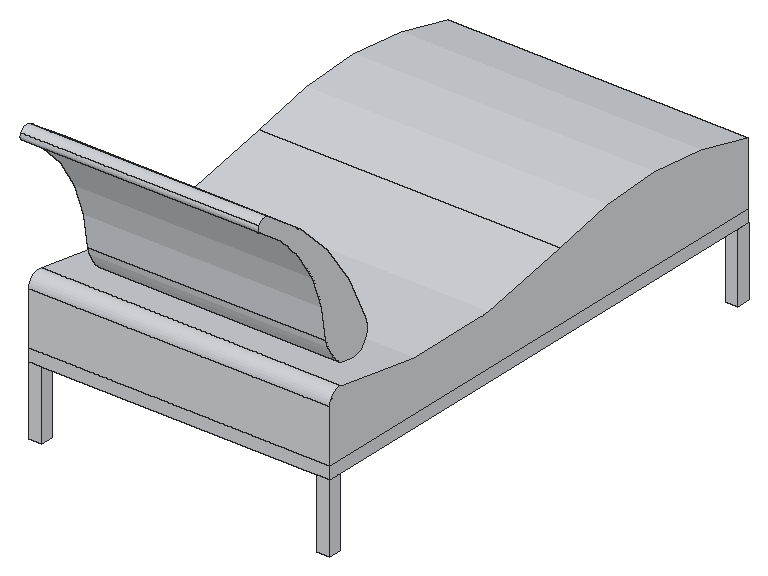
Revit family
Parameters (values of type "960 x 1830 mm")
  Manufacturer = "Revit"
  Materiale Piedi = none
  Materiale [instance] = none
Reference planes
  plane 1 "Center (Front/Back)": y = 0
  plane 2: z = 0
  plane 3 "Center (Left/Right)": x = 0
  plane 4: x = -480
  plane 5: x = 480
  plane 6: x = 380
  plane 7: x = -380
Forms (mm)
  Extrusion 1, solid, material <- "Materiale"
    sketch origin (0, 0, 0) x (0, 1, 0) y (0, 0, 1)
      loop
        line (161.036, 260) -> (1831.036, 260) -> (1831.036, 464.004)
        arc (1831.036, 464.004) -> (1458.486, 530.07) -> (1083.901, 476.745) r 1198.889
        arc (1083.901, 476.745) -> (648, 415.075) -> (210.899, 467.568) r 1697.595
        arc (210.899, 467.568) -> (176.486, 460.393) -> (161.036, 428.819) r 39.987
        line (161.036, 428.819) -> (161.036, 260)
    from -480 to 480
  Extrusion 2, solid, material <- "Materiale"
    sketch origin (0, 0, 0) x (0, 1, 0) y (0, 0, 1)
      loop
        arc (271.211, 532.376) -> (289.419, 487.454) -> (322.548, 452.07) r 132.676
        arc (322.548, 452.07) -> (359.836, 437.305) -> (399.559, 442.828) r 78.715
        arc (399.559, 442.828) -> (422.456, 461.006) -> (432.462, 488.477) r 53.784
        arc (432.462, 488.477) -> (432.023, 510.662) -> (427.452, 532.376) r 118.405
        arc (427.452, 532.376) -> (273.45, 793.337) -> (41.827, 988.702) r 903.476
        arc (41.827, 988.702) -> (20.956, 991.873) -> (3.956, 979.358) r 27.582
        arc (3.956, 979.358) -> (1.831, 967.729) -> (7.959, 957.619) r 16.656
        arc (7.959, 957.619) -> (193.538, 778.398) -> (271.211, 532.376) r 524.468
    from -380 to 380
  Extrusion 3, solid, material <- "Materiale Piedi"
    sketch origin (0, 0, 0) x (1, 0, 0) y (0, 1, 0)
      loop
        line (-480, 1831.036) -> (-480, 1791.036) -> (-440, 1791.036) -> (-440, 1831.036) -> (-480, 1831.036)
      loop
        line (440, 1831.036) -> (440, 1791.036) -> (480, 1791.036) -> (480, 1831.036) -> (440, 1831.036)
      loop
        line (-480, 201.036) -> (-480, 161.036) -> (-440, 161.036) -> (-440, 201.036) -> (-480, 201.036)
      loop
        line (440, 201.036) -> (440, 161.036) -> (480, 161.036) -> (480, 201.036) -> (440, 201.036)
    from 0 to 220
  Extrusion 4, solid, material <- "Materiale Piedi"
    sketch origin (0, 0, 0) x (1, 0, 0) y (0, 1, 0)
      loop
        line (-480, 1831.036) -> (-480, 161.036) -> (480, 161.036) -> (480, 1831.036) -> (-480, 1831.036)
      loop
        line (-440, 1791.036) -> (-440, 201.036) -> (440, 201.036) -> (440, 1791.036) -> (-440, 1791.036)
    from 220 to 260
Lines and regions (mm)
  symbolic lines
    curve 1: line (0, 201.036, 220) -> (0, 1791.036, 220)
    curve 2: line (0, 1791.036, 220) -> (0, 1791.036, 0)
    curve 3: line (0, 1791.036, 0) -> (0, 1831.036, 0)
    curve 4: line (0, 1831.036, 0) -> (0, 1831.036, 464.004)
    curve 5: arc (0, 1831.036, 464.004) -> (0, 1458.486, 530.07) -> (0, 1083.901, 476.745) r 1198.889
    curve 6: arc (0, 1083.901, 476.745) -> (0, 648, 415.075) -> (0, 210.899, 467.568) r 1697.595
    curve 7: arc (0, 210.899, 467.568) -> (0, 176.486, 460.393) -> (0, 161.036, 428.819) r 39.987
    curve 8: line (0, 161.036, 428.819) -> (0, 161.036, 0)
    curve 9: line (0, 161.036, 0) -> (0, 201.036, 0)
    curve 10: line (0, 201.036, 0) -> (0, 201.036, 220)
    curve 11: line (0, 161.036, 260) -> (0, 1831.036, 260)
    curve 12: arc (0, 427.452, 532.376) -> (0, 273.45, 793.337) -> (0, 41.827, 988.702) r 903.476
    curve 13: arc (0, 7.959, 957.619) -> (0, 193.538, 778.398) -> (0, 271.211, 532.376) r 524.468
    curve 14: arc (0, 41.827, 988.702) -> (0, 20.956, 991.873) -> (0, 3.956, 979.358) r 27.582
    curve 15: arc (0, 3.956, 979.358) -> (0, 1.831, 967.729) -> (0, 7.959, 957.619) r 16.656
    curve 16: arc (0, 271.211, 532.376) -> (0, 289.419, 487.454) -> (0, 322.548, 452.07) r 132.676
    curve 17: arc (0, 322.548, 452.07) -> (0, 359.836, 437.305) -> (0, 399.559, 442.828) r 78.715
    curve 18: arc (0, 399.559, 442.828) -> (0, 422.456, 461.006) -> (0, 432.462, 488.477) r 53.784
    curve 19: arc (0, 432.462, 488.477) -> (0, 432.023, 510.662) -> (0, 427.452, 532.376) r 118.405
    curve 20: line (-480, 1838.995, 0) -> (480, 1838.995, 0)
    curve 21: line (480, 1838.995, 0) -> (480, 390.003, 0)
    curve 22: line (480, 390.003, 0) -> (480, 57.959, 0)
    curve 23: arc (480, 57.959, 0) -> (465.355, 22.604, 0) -> (430, 7.959, 0) r 50
    curve 24: line (430, 7.959, 0) -> (-430, 7.959, 0)
    curve 25: arc (-430, 7.959, 0) -> (-465.355, 22.604, 0) -> (-480, 57.959, 0) r 50
    curve 26: line (-480, 57.959, 0) -> (-480, 390.003, 0)
    curve 27: line (-480, 390.003, 0) -> (-480, 1838.995, 0)
    curve 28: arc (-430, 440.003, 0) -> (-465.355, 425.358, 0) -> (-480, 390.003, 0) r 50
    curve 29: line (-430, 440.003, 0) -> (430, 440.003, 0)
    curve 30: arc (480, 390.003, 0) -> (465.355, 425.358, 0) -> (430, 440.003, 0) r 50
Dimensions and locks
  aligned and locked: Extrusion 1 to plane 5
  aligned and locked: Extrusion 1 to plane 4
  aligned and locked: plane 6 to Extrusion 2
  aligned and locked: plane 7 to Extrusion 2
  aligned and locked: Extrusion 3 to curve 10
  aligned and locked: Extrusion 4 to Extrusion 1
  aligned and locked: Extrusion 4 to curve 2
